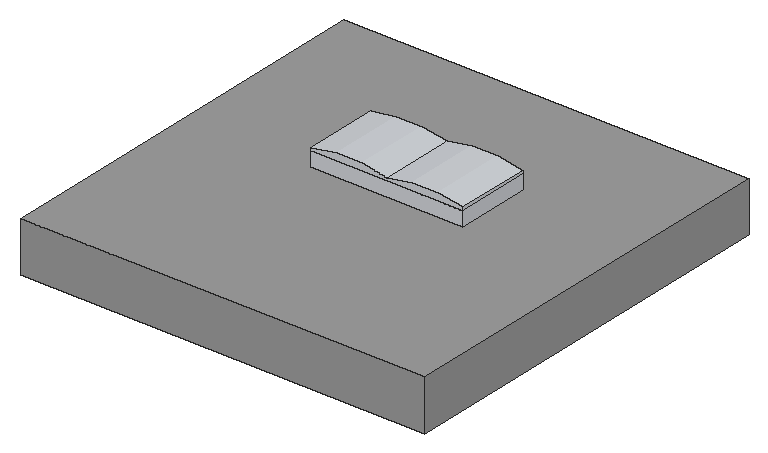
Revit family "ElectricalEquipment_Hager_TPNLighting&Power_HagerTPNDualExtBoxMountedIncomers(withdoor)", category Electrical Equipment, host Face, Revit 2015
Parameters (values of type "TPN Dual Ext Box Mounted Incomer 125A Metered KWH Modbus")
  Type Comments = "Mounted directly below JK1 primary Distribution Board"
  Type = "Electrical Fixture"
  Supply Phase = "1,3"
  Shape = "Rectangular"
  Product Group = "TPN"
  Product Family = "TPN Dual Ext Box Mounted Incomer w Door"
  Packaging Weight = 1.00 kg
  Packaging Recyclable = yes
  Overall Width = 915 mm
  Warranty ID = "24 Months"
  Voltage = "415"
  Uimp Rating = 4000 V
  Ui Rating = 690 V
  URL = "www.hager.co.uk"
  built-in parameter 1140080 [instance] = "10kA Conditional"
  Revision = 2
  Product Weight = 32.00 kg
  Product Range = "Invicta 3 TPN Dual Meter Incomer"
  Product Literature = "www.hager.co.uk/?artnr=JKD125BKWM"
  Product Description = "Invicta 3 TPN Dual Meter 125A Swd KWH Modbus"
  Pollution Degree = 2
  Panel Name [instance] = "Invicta 3 TPN Dual Meter 125A Swd KWH Modbus"
  Outging Ways (TP) = Max #3 Pole Breakers  # 0
  Number of Poles = 4
  Neutral Rating = 100.00%
  built-in parameter 1140081 [instance] = "Surface Wall Mounted"
  Model = "JKD125BKWM"
  Max #3 Pole Breakers = 0
  built-in parameter 1140079 [instance] = (empty or 0)
  Manufacturer Website = "www.hager.co.uk"
  Manufacturer Country = "United Kingdom"
  Manufacturer = "Hager UK Ltd"
  Mains Type = "3 phase"
  built-in parameter 1140082 [instance] = 125 (stored number, unit not read)
  built-in parameter 1140140 = 63 (stored number, unit not read)
  Location of Manufacturer = "Telford, TF1 7FT"
  Location = "Indoors"
  Keynote = ""
  Enclosure Rating = "IP3X"
  Overall Length [instance] = 450 mm
  Hager Catalogue Ref = Model  # "JKD125BKWM"
  Frequency = 50 Hz
  built-in parameter 1140083 [instance] = "Steel Epoxy Polyester Powdercoated"
  EAN = "5015652252450"
  Door Type = "Twin Glazed Door"
  Door Curve = 962 mm
  Door = 46 mm
  built-in parameter 1140064 [instance] = (empty or 0)
  Design Country = "China"
  Description = Product Description  # "Invicta 3 TPN Dual Meter 125A Swd KWH Modbus"
  Overall Height = 133 mm
  Default Elevation = 1200 mm
  Colour = "BS4800:2011 00A01 Oyster Grey"
  CE Approval = yes
  Busbar Rating = 125 A
  Reference Standard = "BS EN 61439-3"
Reference planes
  plane 1 "Center (Front/Back)": y = 470.263
  plane 2: z = 0
  plane 3 "Center (Left/Right)": x = 0
  plane 4: y = 20.263
  plane 5: x = -457.5
  plane 6: x = 457.5
  plane 7: z = 133
  plane 8: z = 87
  plane 9: z = -829
  plane 10: x = 232.5
  plane 11: x = -232.5
Forms (mm)
  Extrusion 1, solid, material "Default"
    sketch origin (0, 0, 0) x (1, 0, 0) y (0, 1, 0)
      loop
        line (-1219.2, 1219.2) -> (-1219.2, -1219.2) -> (1219.2, -1219.2) -> (1219.2, 1219.2) -> (-1219.2, 1219.2)
    from 0 to -304.8
  Extrusion 2, solid, detail levels fine
    sketch origin (0, 470.263, 0) x (1, 0, 0) y (0, 0, 1)
      loop
        line (457.5, 87) -> (-457.5, 87) -> (-457.5, 0) -> (457.5, 0) -> (457.5, 87)
    from 450 to 0
  Extrusion 3, solid
    sketch origin (0, 470.263, 0) x (1, 0, 0) y (0, 0, 1)
      loop
        line (-457.5, 106.318) -> (-457.5, 87) -> (457.5, 87) -> (457.5, 106.318)
        arc (457.5, 106.318) -> (228.639, 132.992) -> (0, 104.482) r 962
        arc (0, 104.482) -> (-228.639, 132.992) -> (-457.5, 106.318) r 962
    from 0 to 450
Dimensions and locks
  equal spacing: plane 5, plane 3 "Center (Left/Right)", plane 6
  "Overall Width": plane 5 to plane 6
  "Overall Length": plane 4 to plane 1 "Center (Front/Back)"
  "Overall Height": Extrusion 1 to plane 7
  "Door": plane 8 to plane 7
  "Door Curve": plane 7 to plane 9
  plane 10 to plane 3 "Center (Left/Right)" to plane 11 = 232.5 mm, 232.5 mm
  plane 10 to plane 11 = 465 mm
  aligned and locked: plane 2 to Extrusion 1
  aligned and locked: level to Extrusion 1
  aligned and locked: Extrusion 2 sketch curve to plane 8
  aligned and locked: Extrusion 2 sketch curve to plane 5
  aligned and locked: Extrusion 2 sketch curve to level
  aligned and locked: plane 6 to Extrusion 2 sketch curve
  aligned and locked: Extrusion 2 to plane 4
  aligned and locked: Extrusion 2 to plane 1 "Center (Front/Back)"
  aligned and locked: plane 2 to nested 1
  aligned and locked: plane 5 to nested 1
  aligned and locked: plane 6 to nested 1
  aligned and locked: nested 1 to plane 7
  aligned and locked: plane 5 to Extrusion 3 sketch curve
  aligned and locked: plane 3 "Center (Left/Right)" to Extrusion 3 sketch curve
  aligned and locked: plane 6 to Extrusion 3 sketch curve
  aligned and locked: Extrusion 3 to Extrusion 2
  aligned and locked: Extrusion 2 to Extrusion 3
Automatic sketch dimensions
  Extrusion 1 sketch curve to Extrusion 1 sketch curve = 2438.4 mm  (x2)
  Extrusion 3 sketch curve to plane 8 = 0 mm
  Extrusion 3 sketch curve to plane 5 = 0 mm
  Extrusion 3 sketch curve to plane 9 = 0 mm  (x2)
  plane 11 to Extrusion 3 sketch curve = 0 mm
  plane 10 to Extrusion 3 sketch curve = 0 mm
  Extrusion 3 sketch curve to Extrusion 3 sketch curve = 19.318 mm
Nested families
  nested 1: "Distribution Board Annotation" at (-457.5, 470.263, 133) x (1, 0, 0) z (0, -1, 0), type "Distribution Board Annotation", detail levels coarse+medium
    with Width 133 mm, Length 915 mm
Connectors
  electrical at (0, 20.263, 43.5)
    settings: on Extrusion 2, index 1, voltage 0 V, apparent load 0 VA, apparent load phase1 0 VA, apparent load phase2 0 VA, apparent load phase3 0 VA, power factor 1, load classification "Other", number of poles 1, system type 31, power factor state 1, is connector primary yes, connector utility no, sub classification motor no, connector description ""
  cabletrayconduit at (0, 20.263, 43.5), diameter 600
    settings: on Extrusion 2, index 2, connector width 300 mm, connector height 300 mm, connector angle 0.00°, system type 32, placement type 0, profile type 0, connector reference index -1, is primary connector yes, connector utility param no, connector description ""
  cabletrayconduit at (0, 470.263, 43.5), diameter 600
    settings: on Extrusion 2, index 3, connector width 300 mm, connector height 300 mm, connector angle 0.00°, system type 32, placement type 0, profile type 0, connector reference index -1, is primary connector no, connector utility param no, connector description ""
Definition of nested family "Distribution Board Annotation"
  Parameters
    Width [instance] = 609.6 mm
    Length [instance] = 1219.2 mm
    Assembly Code = ""
  Reference planes
    plane 1 "Centre (Front/Back)": y = 0
    plane 2: z = 0
    plane 3 "Centre (Left/Right)": x = 0
    plane 4: y = -609.6
    plane 5: x = 1219.2
  Lines and regions (mm)
    Filled region 1, type "Solid Fill - Black", in view "Ref. Level"
      outline origin (0, 0, 0) x (1, 0, 0) y (0, 1, 0)
        loop
          line (0, 0) -> (1219.2, -609.6) -> (1219.2, 0) -> (0, 0)
    detail lines, in view "Ref. Level"
      curve 1: line (0, -609.6, 0) -> (1219.2, -609.6, 0)
      curve 2: line (1219.2, -609.6, 0) -> (1219.2, 0, 0)
      curve 3: line (0, -609.6, 0) -> (0, 0, 0)
      curve 4: line (0, 0, 0) -> (1219.2, 0, 0)
      curve 5: line (0, 0, 0) -> (1219.2, -609.6, 0)
  Dimensions and locks
    "Width": plane 4 to plane 1 "Centre (Front/Back)"
    "Length": plane 3 "Centre (Left/Right)" to plane 5
    aligned and locked: plane 3 "Centre (Left/Right)" to curve 1
    aligned and locked: curve 1 to plane 4
    aligned and locked: plane 5 to curve 2
    aligned and locked: plane 1 "Centre (Front/Back)" to curve 4
    aligned and locked: Filled region 1 sketch curve to curve 4
    aligned and locked: Filled region 1 sketch curve to curve 5
    aligned and locked: Filled region 1 sketch curve to curve 2
